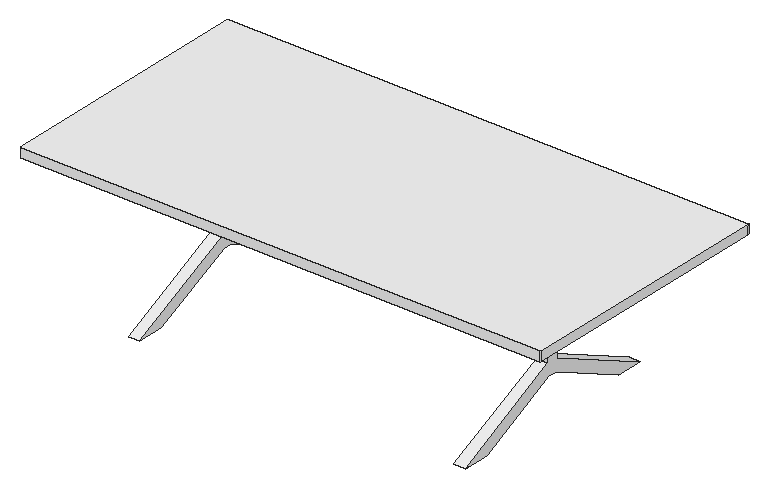
Revit family "Table-LAMMHULTS-FUNK-Rectangle", category Furniture, Revit 2012
Parameters (values of type "THIS IS A CATALOG FAMILY")
  Leg Vault Height = 114 mm
  URL = "www.lammhults.se"
  Table Top Width = 800 mm
  Table Top Length = 1600 mm
  Table Top Height = 450 mm
  Table Edge Material = Melamine - Stain - White/Grey
  Table Top Material = Melamine - Stain - White/Grey
  Model = "*Furniture model*"
  Manufacturer = "LAMMHULTS"  # constant formula
  Legs Material = Metal - White/Grey - Matte
  Leg Width = 670 mm
  Leg Thickness = 35 mm
  Leg Bar = Table Top Height = 1100 mm  # no
  Leg Distance = 1000 mm
  Keynote = "46.B"
  Description = "*Please enter mtrl description here for use in mto*"
  Content Author = "AEC AB"  # constant formula
  Assembly Code = "E2020"
Reference planes
  plane 1 "Center (Front/Back)": y = 0
  plane 2: z = 0
  plane 3 "Center (Left/Right)": x = 0
  plane 4: y = 335
  plane 5: y = -335
  plane 6: y = 17.5
  plane 7: y = -17.5
  plane 8: z = 114
  plane 9: z = 422
  plane 10: x = 482.5
  plane 11: x = 500
  plane 12: x = 517.5
  plane 13: x = -517.5
  plane 14: x = -500
  plane 15: x = -482.5
  plane 16: y = 400
  plane 17: x = 800
  plane 18: y = -400
  plane 19: x = -800
  plane 20 "Table Top": z = 450
  plane 21: z = 345
  plane 22: y = 15
  plane 23: y = -15
  plane 24: z = 285
Forms (mm)
  Extrusion 1, solid, material "Metal - White/Grey - Matte" <- "Legs Material"
    sketch origin (0, 0, 0) x (0, 1, 0) y (0, 0, 1)
      loop
        line (17.5, 422) -> (-17.5, 422) -> (-17.5, 151.263) -> (-335, 0) -> (-253.624, 0) -> (-14.338, 114) -> (14.284, 114) -> (253.612, 0) -> (335, 0) -> (17.5, 151.236) -> (17.5, 422)
    from 482.5 to 517.5
  Extrusion 2, solid, material "Metal - White/Grey - Matte" <- "Legs Material"
    sketch origin (-2300, 0, 0) x (0, 1, 0) y (0, 0, 1)
      loop
        line (17.5, 422) -> (-17.5, 422) -> (-17.5, 151.236) -> (-335, 0) -> (-253.612, 0) -> (-14.284, 114) -> (14.284, 114) -> (253.612, 0) -> (335, 0) -> (17.5, 151.236) -> (17.5, 422)
    from 1782.5 to 1817.5
  Extrusion 3, solid, material "Melamine - Stain - White/Grey" <- "Table Top Material"
    sketch origin (0, 0, 0) x (1, 0, 0) y (0, 1, 0)
      loop
        arc (-797, 400) -> (-799.121, 399.121) -> (-800, 397) r 3
        line (-800, 397) -> (-800, -397)
        arc (-800, -397) -> (-799.121, -399.121) -> (-797, -400) r 3
        line (-797, -400) -> (797, -400)
        arc (797, -400) -> (799.121, -399.121) -> (800, -397) r 3
        line (800, -397) -> (800, 397)
        arc (800, 397) -> (799.121, 399.121) -> (797, 400) r 3
        line (797, 400) -> (-797, 400)
    from 422 to 450
  Extrusion 4, solid, material "Metal - White/Grey - Matte" <- "Legs Material", visible <- "Leg Bar"
    sketch origin (0, 0, 0) x (0, 1, 0) y (0, 0, 1)
      loop
        line (15, 345) -> (-15, 345) -> (-15, 285) -> (15, 285) -> (15, 345)
    from -482.5 to 482.5
Lines and regions (mm)
  Masking region 1
    outline origin (0, 0, 450) x (-1, 0, 0) y (0, -1, 0)
      loop
        arc (797, -400) -> (799.121, -399.121) -> (800, -397) r 3
        line (800, -397) -> (800, 397)
        arc (800, 397) -> (799.121, 399.121) -> (797, 400) r 3
        line (797, 400) -> (-797, 400)
        arc (-797, 400) -> (-799.121, 399.121) -> (-800, 397) r 3
        line (-800, 397) -> (-800, -397)
        arc (-800, -397) -> (-799.121, -399.121) -> (-797, -400) r 3
        line (-797, -400) -> (797, -400)
  reference lines
    curve 1: line (500, 335, 0) -> (500, -120.919, 217.169)
    curve 2: line (500, 258.819, -2.48) -> (500, -135.971, 185.571)
    curve 3: line (500, -335, 0) -> (500, 80.279, 197.847)
    curve 4: line (500, -262.896, -4.417) -> (500, 89.189, 163.322)
    curve 5: line (-500, 335, 0) -> (-500, -218.25, 263.531)
    curve 6: line (-500, 259.134, -2.63) -> (-500, -233.007, 231.792)
    curve 7: line (-500, -335, 0) -> (-500, 177.636, 244.185)
    curve 8: line (-500, -263.502, -4.711) -> (-500, 185.961, 209.383)
Dimensions and locks
  equal spacing: plane 4, plane 1 "Center (Front/Back)", plane 5
  "Leg Width": plane 4 to plane 5
  equal spacing: plane 6, plane 1 "Center (Front/Back)", plane 7
  "Leg Thickness": plane 6 to plane 7
  "Leg Vault Height": plane 8 to level
  "Leg Thickness": curve 2 to curve 1
  "Leg Thickness": curve 3 to curve 4
  "Leg Distance": plane 14 to plane 11
  equal spacing: plane 14, plane 3 "Center (Left/Right)", plane 11
  equal spacing: plane 13, plane 14, plane 15
  "Leg Thickness": plane 13 to plane 15
  "Leg Thickness": plane 10 to plane 12
  equal spacing: plane 10, plane 11, plane 12
  equal spacing: plane 19, plane 3 "Center (Left/Right)", plane 17
  "Table Top Length": plane 19 to plane 17
  equal spacing: plane 16, plane 1 "Center (Front/Back)", plane 18
  "Table Top Width": plane 16 to plane 18
  locked: plane 20 "Table Top" to plane 9 at 28
  "Table Top Height": plane 20 "Table Top" to level
  plane 22 to plane 23 = 30 mm
  locked: plane 21 to plane 24 at 60
  plane 21 to level = 345 mm
  "Leg Thickness": curve 7 to curve 8
  "Leg Thickness": curve 6 to curve 5
  angle level to curve 1 = 25.47°
  angle level to curve 2 = 25.47°
  angle curve 3 to level = 25.474°
  angle curve 4 to level = 25.474°
  angle level to curve 5 = 25.47°
  angle level to curve 6 = 25.47°
  angle curve 8 to level = 25.47°
  angle curve 7 to level = 25.47°
  aligned and locked: level to plane 2
  aligned and locked: plane 6 to Extrusion 1 sketch curve
  aligned and locked: plane 9 to Extrusion 1 sketch curve
  aligned and locked: plane 7 to Extrusion 1 sketch curve
  aligned and locked: Extrusion 1 sketch curve to curve 3
  aligned and locked: level to Extrusion 1 sketch curve  (x2)
  aligned and locked: curve 4 to Extrusion 1 sketch curve
  aligned and locked: Extrusion 1 sketch curve to curve 1
  aligned and locked: curve 2 to Extrusion 1 sketch curve
  aligned and locked: plane 8 to Extrusion 1 sketch curve
  aligned and locked: plane 12 to Extrusion 1
  aligned and locked: Extrusion 1 to plane 10
  aligned and locked: Extrusion 2 sketch curve to curve 7
  aligned and locked: curve 8 to Extrusion 2 sketch curve
  aligned and locked: Extrusion 2 sketch curve to curve 5
  aligned and locked: curve 6 to Extrusion 2 sketch curve
  aligned and locked: plane 15 to Extrusion 2
  aligned and locked: Extrusion 2 to plane 13
  aligned and locked: Extrusion 3 sketch curve to plane 16
  aligned and locked: Extrusion 3 sketch curve to plane 17
  aligned and locked: Extrusion 3 sketch curve to plane 18
  aligned and locked: Extrusion 3 sketch curve to plane 19
  aligned and locked: plane 20 "Table Top" to Extrusion 3
  aligned and locked: Extrusion 3 to plane 9
  aligned and locked: plane 21 to Extrusion 4 sketch curve
  aligned and locked: Extrusion 4 sketch curve to plane 22
  aligned and locked: Extrusion 4 sketch curve to plane 24
  aligned and locked: Extrusion 4 sketch curve to plane 23
  aligned and locked: Extrusion 4 to plane 15
  aligned and locked: plane 10 to Extrusion 4
  aligned and locked: Masking region 1 sketch curve to Extrusion 3  (x4)
Automatic sketch dimensions
  curve 3 to level = 0 mm
  curve 3 to plane 5 = 0 mm
  curve 1 to level = 0 mm
  curve 1 to plane 4 = 0 mm
  curve 4 to level = 4.417 mm
  plane 8 to curve 2 = 71.571 mm
  Extrusion 2 sketch curve to level = 0 mm  (x2)
  Extrusion 2 sketch curve to plane 7 = 0 mm
  Extrusion 2 sketch curve to plane 8 = 0 mm
  Extrusion 2 sketch curve to plane 6 = 0 mm
  Extrusion 2 sketch curve to plane 9 = 0 mm
  curve 7 to level = 0 mm
  curve 7 to plane 5 = 0 mm
  curve 5 to level = 0 mm
  curve 5 to plane 4 = 0 mm
  curve 8 to level = 4.711 mm
  curve 6 to level = 2.63 mm
  Extrusion 3 sketch curve to plane 16 = 3 mm  (x2)
  plane 19 to Extrusion 3 sketch curve = 3 mm
  Extrusion 3 sketch curve to plane 17 = 3 mm
